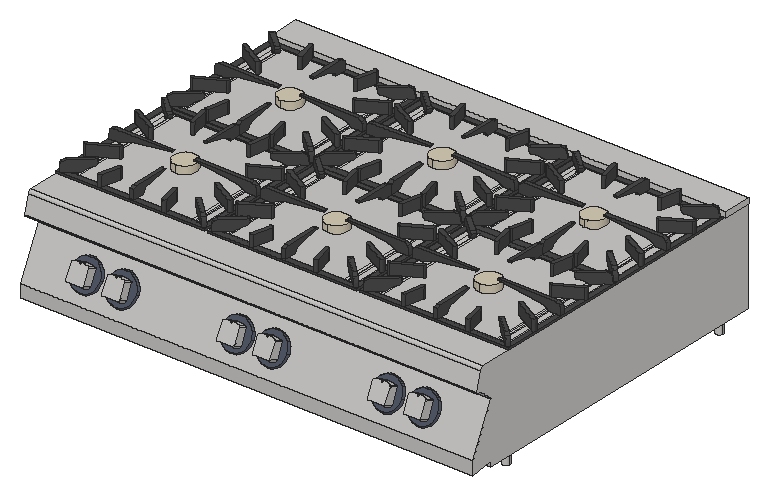
Revit family "QF_ZANUSSI_392011_Z9GCGL6S00", category Specialty Equipment, Revit 2018 (continued)
Nested families
  nested 5: "QF_392011_BURNER" at (403.15, -440.487, -576.213), type "QF_392011_BURNER"
    with Type Mark "", Status "", Specification by User "", Revision Code "", Item Number "", Installed By "", Identify Quantity as Lot yes, Furnished By "", Foodservice Equipment Identifier yes
  nested 6: "QF_392011_BURNER" at (403.15, -440.487, -576.213), type "QF_392011_BURNER"
    with Type Mark "", Status "", Specification by User "", Revision Code "", Item Number "", Installed By "", Identify Quantity as Lot yes, Furnished By "", Foodservice Equipment Identifier yes
Connectors
  piping at (1147.613, -666, 3.812), diameter 12.8
    settings: on Extrusion 3, index 1, connector inside diameter 0.50394", connector length 0 mm, flow factor 0, pipe flow 0 GPM, pressure drop 0.00 psi, fitting loss kfactor 0, connector angle 0.00°, fixture units 0, engagement length 0 mm, angle of deflection 0.00°, flow configuration 1, flow direction 1, fitting loss method 0, system type 7, joint type 0, gender type 0, connector reference index -1, connector utility 0, adjustable connector no, is connector primary yes, connector description "GAS CONNECTION"
Definition of nested family "QF_392011_BURNER"
  Parameters
    Weight in Pounds = 0
    URL Cutsheet = ""
    URL = "www.electrolux.com"
    Type Mark [instance] = ""
    Status [instance] = ""
    Specification by User [instance] = ""
    Specification by Manufacturer = ""
    Show Clearance [instance] = yes
    Serial Number = ""
    Seismic Rating = ""
    SMACNA No = ""
    Revision Code [instance] = ""
    Omniclass Number and Title = ""
    NAFEM Spec ID Number = ""
    Model = "371009"
    Masterspec = ""
    Manufacturer = "ELECTROLUX"
    Item Number [instance] = ""
    Installed By [instance] = ""
    Identify Quantity as Lot [instance] = yes
    Furnished By [instance] = ""
    Foodservice Equipment Identifier [instance] = yes
    Description = ""
    CSI MasterFormat = ""
    CSI Master Format = ""
  Reference planes
    plane 1 "BACK": y = 0
    plane 2: z = 0
    plane 3 "LEFT": x = 0
    plane 4 "RIGHT": x = 393.7
    plane 5 "FRONT": y = -355.6
    plane 6 "TOP": z = 908.85
    plane 7 "Center Y": x = 196.85
    plane 8 "Center X": y = -177.8
    plane 9 "Base": z = 150
    plane 10: z = 850.85
  Forms (mm)
    Extrusion 1, solid
      sketch origin (-6.433, -404.961, 5) x (1, 0, 0) y (0, 0, -1)
        loop
          arc (7.142, -850.85) -> (6.739, -862.989) -> (9.761, -874.752) r 42.809
          line (9.761, -874.752) -> (19.961, -879.425) -> (173.122, -879.425)
          arc (173.122, -879.425) -> (174.316, -878.312) -> (173.289, -877.043) r 1.197
          line (173.289, -877.043) -> (64.848, -864.021)
          arc (64.848, -864.021) -> (50.111, -858.738) -> (36.589, -850.85) r 85.245
          line (36.589, -850.85) -> (7.142, -850.85)
        loop
          line (399.424, -850.85) -> (369.977, -850.85)
          arc (369.977, -850.85) -> (356.455, -858.738) -> (341.718, -864.021) r 85.245
          line (341.718, -864.021) -> (233.277, -877.043)
          arc (233.277, -877.043) -> (232.25, -878.312) -> (233.444, -879.425) r 1.197
          line (233.444, -879.425) -> (386.605, -879.425) -> (396.806, -874.752)
          arc (396.806, -874.752) -> (399.827, -862.989) -> (399.424, -850.85) r 42.809
      from 224.564 to 234.564
    Extrusion 2, solid
      sketch origin (196.85, 175.397, 1219.2) x (0, 1, 0) y (0, 0, 1)
        loop
          line (-204.463, -363.35) -> (-175.397, -363.35) -> (-175.397, -339.506)
          arc (-175.397, -339.506) -> (-181.025, -338.266) -> (-185.611, -334.775) r 13.39
          line (-185.611, -334.775) -> (-278.903, -334.775)
          arc (-278.903, -334.775) -> (-280.097, -335.888) -> (-279.07, -337.157) r 1.197
          line (-279.07, -337.157) -> (-227.151, -347.464)
          arc (-227.151, -347.464) -> (-213.741, -352.457) -> (-204.463, -363.35) r 28.426
        loop
          arc (-496.332, -363.35) -> (-487.053, -352.457) -> (-473.644, -347.464) r 28.426
          line (-473.644, -347.464) -> (-421.725, -337.157)
          arc (-421.725, -337.157) -> (-420.697, -335.888) -> (-421.891, -334.775) r 1.197
          line (-421.891, -334.775) -> (-515.184, -334.775)
          arc (-515.184, -334.775) -> (-519.769, -338.266) -> (-525.397, -339.506) r 13.39
          line (-525.397, -339.506) -> (-525.397, -363.35) -> (-496.332, -363.35)
      from -5 to 5
    Extrusion 3, solid
      sketch origin (-6.433, 367.064, 850.85) x (0, -1, 0) y (1, 0, 0)
        loop
          line (722.664, 6.433) -> (722.664, 400.133) -> (367.064, 400.133) -> (367.064, 6.433) -> (722.664, 6.433)
        loop
          line (382.064, 21.433) -> (707.664, 21.433) -> (707.664, 385.133) -> (382.064, 385.133) -> (382.064, 21.433)
      from 0 to 5
    Extrusion 4, solid
      sketch origin (-18.933, 367.064, 855.85) x (0, -1, 0) y (1, 0, 0)
        loop
          circle (541.667, 215.783) r 30
      from -1.321 to 17.134
    Extrusion 5, solid
      sketch origin (-6.433, -367.064, 0) x (1, 0, 0) y (0, 0, -1)
        loop
          line (21.433, -855.85) -> (36.589, -855.85)
          arc (36.589, -855.85) -> (40.561, -855.243) -> (44.305, -853.783) r 18.259
          arc (44.305, -853.783) -> (45.997, -853.366) -> (47.69, -853.783) r 3.649
          arc (47.69, -853.783) -> (49.901, -854.522) -> (52.232, -854.529) r 7.328
          line (52.232, -854.529) -> (354.334, -854.529)
          arc (354.334, -854.529) -> (356.666, -854.522) -> (358.877, -853.783) r 7.328
          arc (358.877, -853.783) -> (360.569, -853.366) -> (362.261, -853.783) r 3.649
          arc (362.261, -853.783) -> (366.005, -855.243) -> (369.977, -855.85) r 18.259
          line (369.977, -855.85) -> (385.133, -855.85) -> (385.133, -850.85) -> (21.433, -850.85) -> (21.433, -855.85)
      from 26.464 to 352.064
    Extrusion 6, solid
      sketch origin (83.284, -458.334, 5) x (0.742103, 0.670286, 0) y (0, 0, -1)
        loop
          arc (88.629, -864.012) -> (73.909, -858.731) -> (60.402, -850.85) r 85.245
          line (60.402, -850.85) -> (14.993, -850.85)
          arc (14.993, -850.85) -> (14.642, -862.948) -> (17.686, -874.663) r 42.876
          line (17.686, -874.663) -> (27.899, -879.425) -> (89.664, -879.425)
          arc (89.664, -879.425) -> (92.39, -878.352) -> (93.654, -875.709) r 4
          arc (93.654, -875.709) -> (92.562, -869.25) -> (88.629, -864.012) r 13.87
        loop
          arc (457.638, -864.012) -> (453.704, -869.25) -> (452.613, -875.709) r 13.87
          arc (452.613, -875.709) -> (453.876, -878.352) -> (456.603, -879.425) r 4
          line (456.603, -879.425) -> (518.367, -879.425) -> (528.581, -874.663)
          arc (528.581, -874.663) -> (531.624, -862.948) -> (531.273, -850.85) r 42.876
          line (531.273, -850.85) -> (485.865, -850.85)
          arc (485.865, -850.85) -> (472.357, -858.731) -> (457.638, -864.012) r 85.245
      from 127.064 to 137.064
    Extrusion 7, solid
      sketch origin (310.416, -458.334, 5) x (-0.742103, 0.670286, 0) y (0, 0, 1)
        loop
          arc (88.629, 864.012) -> (92.562, 869.25) -> (93.654, 875.709) r 13.87
          arc (93.654, 875.709) -> (92.39, 878.352) -> (89.664, 879.425) r 4
          line (89.664, 879.425) -> (27.899, 879.425) -> (17.686, 874.663)
          arc (17.686, 874.663) -> (14.642, 862.948) -> (14.993, 850.85) r 42.876
          line (14.993, 850.85) -> (60.402, 850.85)
          arc (60.402, 850.85) -> (73.909, 858.731) -> (88.629, 864.012) r 85.245
        loop
          arc (457.638, 864.012) -> (472.357, 858.731) -> (485.865, 850.85) r 85.245
          line (485.865, 850.85) -> (531.273, 850.85)
          arc (531.273, 850.85) -> (531.624, 862.948) -> (528.581, 874.663) r 42.876
          line (528.581, 874.663) -> (518.367, 879.425) -> (456.603, 879.425)
          arc (456.603, 879.425) -> (453.876, 878.352) -> (452.613, 875.709) r 4
          arc (452.613, 875.709) -> (453.704, 869.25) -> (457.638, 864.012) r 13.87
      from 127.064 to 137.064
    Extrusion 8, solid
      sketch origin (-6.433, 367.064, 855.85) x (0, -1, 0) y (1, 0, 0)
        loop
          arc (626.166, 9.428) -> (632.956, 7.454) -> (634.93, 14.244) r 5
          line (634.93, 14.244) -> (600.514, 76.878)
          arc (600.514, 76.878) -> (593.724, 78.852) -> (591.75, 72.062) r 5
          line (591.75, 72.062) -> (626.166, 9.428)
        loop
          line (463.562, 9.428) -> (497.977, 72.062)
          arc (497.977, 72.062) -> (496.003, 78.852) -> (489.213, 76.878) r 5
          line (489.213, 76.878) -> (454.798, 14.244)
          arc (454.798, 14.244) -> (456.772, 7.454) -> (463.562, 9.428) r 5
        loop
          line (626.166, 397.138) -> (591.75, 334.504)
          arc (591.75, 334.504) -> (593.724, 327.714) -> (600.514, 329.689) r 5
          line (600.514, 329.689) -> (634.93, 392.323)
          arc (634.93, 392.323) -> (632.956, 399.113) -> (626.166, 397.138) r 5
        loop
          arc (463.562, 397.138) -> (456.772, 399.113) -> (454.798, 392.323) r 5
          line (454.798, 392.323) -> (489.213, 329.689)
          arc (489.213, 329.689) -> (496.003, 327.714) -> (497.977, 334.504) r 5
          line (497.977, 334.504) -> (463.562, 397.138)
        loop
          line (715.14, 293.499) -> (666.703, 282.317)
          arc (666.703, 282.317) -> (662.956, 276.32) -> (668.953, 272.573) r 5
          line (668.953, 272.573) -> (717.389, 283.756)
          arc (717.389, 283.756) -> (721.136, 289.752) -> (715.14, 293.499) r 5
        loop
          arc (715.14, 113.067) -> (721.136, 116.814) -> (717.389, 122.811) r 5
          line (717.389, 122.811) -> (668.953, 133.993)
          arc (668.953, 133.993) -> (662.956, 130.246) -> (666.703, 124.249) r 5
          line (666.703, 124.249) -> (715.14, 113.067)
        loop
          arc (374.588, 293.499) -> (368.591, 289.752) -> (372.338, 283.756) r 5
          line (372.338, 283.756) -> (420.775, 272.573)
          arc (420.775, 272.573) -> (426.771, 276.32) -> (423.024, 282.317) r 5
          line (423.024, 282.317) -> (374.588, 293.499)
        loop
          line (374.588, 113.067) -> (423.024, 124.249)
          arc (423.024, 124.249) -> (426.771, 130.246) -> (420.775, 133.993) r 5
          line (420.775, 133.993) -> (372.338, 122.811)
          arc (372.338, 122.811) -> (368.591, 116.814) -> (374.588, 113.067) r 5
      from 0 to 28.575
  Lines and regions (mm)
    symbolic lines
      curve 1: line (0, -355.6, 150) -> (393.7, -355.6, 150)
      curve 2: line (0, 0, 150) -> (0, -355.6, 150)
      curve 3: line (393.7, -355.6, 150) -> (393.7, 0, 150)
      curve 4: line (369.633, -15, 150) -> (285.34, -15, 150)
      curve 5: line (24.067, -340.6, 150) -> (108.36, -340.6, 150)
      curve 6: line (157.475, -170.397, 150) -> (157.475, -15, 150)
      curve 7: line (236.225, -170.397, 150) -> (236.225, -15, 150)
      curve 8: line (201.85, -350, 150) -> (201.85, -176.674, 150)
      curve 9: line (0, -180.397, 150) -> (167.224, -180.397, 150)
      curve 10: line (393.7, -170.397, 150) -> (228.275, -170.397, 150)
      curve 11: line (15, -180.397, 150) -> (15, -252.506, 150)
      curve 12: line (45.799, -340.6, 150) -> (45.799, -320.971, 150)
      curve 13: line (167.224, -170.397, 150) -> (0, -170.397, 150)
      curve 14: line (228.275, -180.504, 150) -> (393.7, -180.504, 150)
      curve 15: arc (228.275, -170.397, 150) -> (223.221, -175.45, 150) -> (228.275, -180.504, 150) r 5.054
      curve 16: arc (167.224, -170.397, 150) -> (172.224, -175.397, 150) -> (167.224, -180.397, 150) r 5
      curve 17: line (191.85, -176.674, 150) -> (191.85, -350, 150)
      curve 18: line (201.85, -134.556, 150) -> (201.85, -0.794, 150)
      curve 19: arc (201.85, -176.674, 150) -> (196.85, -171.674, 150) -> (191.85, -176.674, 150) r 5
      curve 20: arc (201.85, -134.556, 150) -> (196.85, -139.556, 150) -> (191.85, -134.556, 150) r 5
      curve 21: line (191.85, -15, 150) -> (118.623, -15, 150)
      curve 22: arc (201.85, -29.042, 150) -> (213.272, -50.008, 150) -> (201.85, -70.973, 150) r 24.953
      curve 23: arc (213.086, -53.048, 150) -> (214.5, -50.008, 150) -> (213.086, -46.967, 150) r 3.975
      curve 24: arc (191.85, -29.852, 150) -> (181.339, -50.008, 150) -> (191.85, -70.163, 150) r 24.58
      curve 25: arc (181.527, -53.042, 150) -> (179.976, -50.008, 150) -> (181.527, -46.973, 150) r 3.745
      curve 26: line (191.85, -0.794, 150) -> (191.85, -134.556, 150)
      curve 27: line (191.85, -350, 150) -> (201.85, -350, 150)
      curve 28: line (191.85, -11.007, 150) -> (201.85, -11.007, 150)
      curve 29: line (191.85, -0.794, 150) -> (201.85, -0.794, 150)
      curve 30: line (201.85, -340.6, 150) -> (275.077, -340.6, 150)
      curve 31: arc (196.85, -145.397, 0) -> (166.955, -172.888, 0) -> (191.85, -204.977, 0) r 30
      curve 32: arc (201.85, -204.977, 0) -> (226.745, -172.888, 0) -> (196.85, -145.397, 0) r 30
      curve 33: arc (158.678, -180.397, 0) -> (170.734, -200.207, 0) -> (191.85, -209.795, 0) r 39.375
      curve 34: line (163.825, -170.397, 150) -> (163.825, -15, 150)
      curve 35: line (229.875, -170.397, 150) -> (229.875, -15, 150)
      curve 36: line (144.775, -170.397, 150) -> (144.775, -15, 150)
      curve 37: line (248.925, -170.397, 150) -> (248.925, -15, 150)
      curve 38: arc (145.678, -180.397, 0) -> (161.728, -209.187, 0) -> (191.85, -222.573, 0) r 52.075
      curve 39: arc (201.85, -209.795, 0) -> (222.966, -200.207, 0) -> (235.022, -180.397, 0) r 39.375
      curve 40: arc (201.85, -222.573, 0) -> (231.931, -209.224, 0) -> (248.001, -180.504, 0) r 52.075
      curve 41: line (393.7, 0, 0) -> (0, 0, 0)
      curve 42: line (70.445, -122.149, 0) -> (7.81, -87.734, 0)
      curve 43: arc (7.81, -87.734, 0) -> (1.021, -89.708, 0) -> (2.995, -96.498, 0) r 5
      curve 44: line (2.995, -96.498, 0) -> (65.629, -130.914, 0)
      curve 45: arc (65.629, -130.914, 0) -> (72.419, -128.939, 0) -> (70.445, -122.149, 0) r 5
      curve 46: line (65.629, -224.686, 0) -> (2.995, -259.102, 0)
      curve 47: arc (2.995, -259.102, 0) -> (1.021, -265.892, 0) -> (7.81, -267.866, 0) r 5
      curve 48: line (7.81, -267.866, 0) -> (70.445, -233.451, 0)
      curve 49: arc (70.445, -233.451, 0) -> (72.419, -226.661, 0) -> (65.629, -224.686, 0) r 5
      curve 50: line (323.255, -122.149, 0) -> (385.89, -87.734, 0)
      curve 51: arc (385.89, -87.734, 0) -> (392.679, -89.708, 0) -> (390.705, -96.498, 0) r 5
      curve 52: line (390.705, -96.498, 0) -> (328.071, -130.914, 0)
      curve 53: arc (328.071, -130.914, 0) -> (321.281, -128.939, 0) -> (323.255, -122.149, 0) r 5
      curve 54: line (328.071, -224.686, 0) -> (390.705, -259.102, 0)
      curve 55: arc (390.705, -259.102, 0) -> (392.679, -265.892, 0) -> (385.89, -267.866, 0) r 5
      curve 56: line (385.89, -267.866, 0) -> (323.255, -233.451, 0)
      curve 57: arc (323.255, -233.451, 0) -> (321.281, -226.661, 0) -> (328.071, -224.686, 0) r 5
      curve 58: line (118.623, -340.6, 150) -> (191.85, -340.6, 150)
      curve 59: line (285.34, -340.6, 150) -> (369.633, -340.6, 150)
      curve 60: line (378.7, -335.314, 0) -> (378.7, -263.916, 0)
      curve 61: line (1.326, -7.935, 0) -> (58.752, -59.804, 0)
      curve 62: line (65.455, -52.383, 0) -> (8.029, -0.514, 0)
      curve 63: arc (58.752, -59.804, 0) -> (65.814, -59.445, 0) -> (65.455, -52.383, 0) r 5
      curve 64: line (1.326, -7.935, 0) -> (8.029, -0.514, 0)
      curve 65: line (392.374, -7.935, 0) -> (334.948, -59.804, 0)
      curve 66: line (328.245, -52.383, 0) -> (385.671, -0.514, 0)
      curve 67: arc (334.948, -59.804, 0) -> (327.886, -59.445, 0) -> (328.245, -52.383, 0) r 5
      curve 68: line (392.374, -7.935, 0) -> (385.671, -0.514, 0)
      curve 69: line (392.374, -347.665, 0) -> (334.948, -295.796, 0)
      curve 70: line (328.245, -303.217, 0) -> (385.671, -355.086, 0)
      curve 71: arc (334.948, -295.796, 0) -> (327.886, -296.155, 0) -> (328.245, -303.217, 0) r 5
      curve 72: line (392.374, -347.665, 0) -> (385.671, -355.086, 0)
      curve 73: line (1.326, -347.665, 0) -> (58.752, -295.796, 0)
      curve 74: line (65.455, -303.217, 0) -> (8.029, -355.086, 0)
      curve 75: arc (58.752, -295.796, 0) -> (65.814, -296.155, 0) -> (65.455, -303.217, 0) r 5
      curve 76: line (1.326, -347.665, 0) -> (8.029, -355.086, 0)
      curve 77: line (347.901, -15, 0) -> (347.901, -34.629, 0)
      curve 78: line (347.901, -320.971, 0) -> (347.901, -340.6, 0)
      curve 79: line (378.7, -252.506, 0) -> (378.7, -180.397, 0)
      curve 80: line (347.901, -246.993, 0) -> (347.901, -307.496, 0)
      curve 81: line (378.7, -170.397, 0) -> (378.7, -103.094, 0)
      curve 82: line (347.901, -180.397, 0) -> (347.901, -235.582, 0)
      curve 83: line (378.7, -91.684, 0) -> (378.7, -20.286, 0)
      curve 84: line (347.901, -120.018, 0) -> (347.901, -170.397, 0)
      curve 85: line (347.901, -48.104, 0) -> (347.901, -108.607, 0)
      curve 86: line (275.077, -15, 150) -> (201.85, -15, 150)
      curve 87: line (108.36, -15, 150) -> (24.067, -15, 150)
      curve 88: line (45.799, -40, 150) -> (45.799, -15, 150)
      curve 89: line (45.799, -108.607, 150) -> (45.799, -40, 150)
      curve 90: line (15, -20.286, 0) -> (15, -91.684, 0)
      curve 91: line (15, -103.094, 0) -> (15, -170.397, 0)
      curve 92: line (45.799, -170.397, 150) -> (45.799, -120.018, 150)
      curve 93: line (45.799, -235.582, 150) -> (45.799, -180.397, 150)
      curve 94: line (15, -263.916, 150) -> (15, -335.314, 150)
      curve 95: line (45.799, -307.496, 150) -> (45.799, -246.993, 150)
      curve 96: line (116.378, -350.325, 0) -> (127.56, -301.889, 0)
      curve 97: arc (127.56, -301.889, 0) -> (123.813, -295.892, 0) -> (117.816, -299.64, 0) r 5
      curve 98: line (117.816, -299.64, 0) -> (106.634, -348.076, 0)
      curve 99: arc (106.634, -348.076, 0) -> (110.381, -354.072, 0) -> (116.378, -350.325, 0) r 5
      curve 100: line (266.14, -301.889, 0) -> (277.322, -350.325, 0)
      curve 101: arc (277.322, -350.325, 0) -> (283.319, -354.072, 0) -> (287.066, -348.076, 0) r 5
      curve 102: line (287.066, -348.076, 0) -> (275.884, -299.64, 0)
      curve 103: arc (275.884, -299.64, 0) -> (269.887, -295.892, 0) -> (266.14, -301.889, 0) r 5
      curve 104: line (275.884, -55.96, 0) -> (287.066, -7.524, 0)
      curve 105: arc (287.066, -7.524, 0) -> (283.319, -1.528, 0) -> (277.322, -5.275, 0) r 5
      curve 106: line (277.322, -5.275, 0) -> (266.14, -53.711, 0)
      curve 107: arc (266.14, -53.711, 0) -> (269.887, -59.708, 0) -> (275.884, -55.96, 0) r 5
      curve 108: line (127.56, -53.711, 0) -> (116.378, -5.275, 0)
      curve 109: arc (116.378, -5.275, 0) -> (110.381, -1.528, 0) -> (106.634, -7.524, 0) r 5
      curve 110: line (106.634, -7.524, 0) -> (117.816, -55.96, 0)
      curve 111: arc (117.816, -55.96, 0) -> (123.813, -59.708, 0) -> (127.56, -53.711, 0) r 5
  Dimensions and locks
    equal spacing: plane 3 "LEFT", plane 7 "Center Y", plane 4 "RIGHT"
    plane 3 "LEFT" to plane 4 "RIGHT" = 393.7 mm
    equal spacing: plane 5 "FRONT", plane 8 "Center X", plane 1 "BACK"
    plane 5 "FRONT" to plane 1 "BACK" = 355.6 mm
    plane 6 "TOP" to level = 908.85 mm
    plane 9 "Base" to level = 150 mm
    plane 6 "TOP" to plane 10 = 58 mm  (x2)
    locked: Extrusion 4 sketch curve to plane 7 "Center Y" at 0
    aligned and locked: level to plane 2
  Automatic sketch dimensions
    curve 10 to plane 4 "RIGHT" = 0 mm
    curve 20 to plane 7 "Center Y" = 0 mm
    curve 19 to plane 7 "Center Y" = 0 mm
    curve 9 to plane 3 "LEFT" = 0 mm
    plane 1 "BACK" to curve 2 = 0 mm
    plane 1 "BACK" to curve 3 = 0 mm
    plane 5 "FRONT" to curve 2 = 0 mm
    curve 4 to plane 4 "RIGHT" = 24.067 mm
    curve 59 to plane 4 "RIGHT" = 24.067 mm
    plane 1 "BACK" to curve 37 = 15 mm
    plane 7 "Center Y" to curve 37 = 52.075 mm
    curve 37 to curve 7 = 12.7 mm
    curve 7 to curve 35 = 6.35 mm
    plane 8 "Center X" to curve 15 = 2.35 mm
    curve 35 to curve 15 = 1.6 mm
    plane 7 "Center Y" to curve 23 = 16.236 mm
    curve 23 to curve 23 = 0 mm
    curve 23 to curve 23 = 2.56 mm
    curve 23 to curve 24 = 4.607 mm
    plane 7 "Center Y" to curve 86 = 5 mm
    plane 7 "Center Y" to curve 27 = 5 mm
    curve 22 to plane 7 "Center Y" = 8.531 mm
    curve 22 to curve 25 = 4.597 mm
    curve 25 to curve 25 = 2.194 mm  (x2)
    curve 9 to plane 8 "Center X" = 2.597 mm
    curve 17 to curve 9 = 24.626 mm
    curve 21 to curve 34 = 28.025 mm
    curve 34 to curve 6 = 6.35 mm
    plane 8 "Center X" to curve 36 = 7.403 mm
    curve 6 to curve 36 = 12.7 mm
    plane 3 "LEFT" to curve 12 = 45.799 mm
    plane 3 "LEFT" to curve 87 = 24.067 mm
    plane 3 "LEFT" to curve 5 = 24.067 mm
    plane 1 "BACK" to curve 26 = 0.794 mm
    curve 28 to curve 86 = 3.993 mm
    curve 28 to curve 21 = 3.993 mm
    curve 86 to curve 22 = 14.042 mm
    curve 22 to curve 24 = 0.81 mm
    curve 22 to curve 23 = 17.925 mm
    curve 25 to curve 22 = 3.035 mm
    plane 8 "Center X" to curve 26 = 43.244 mm
    curve 15 to curve 15 = 5.054 mm
    plane 8 "Center X" to curve 17 = 1.126 mm
    curve 94 to curve 12 = 5.286 mm
    curve 58 to plane 5 "FRONT" = 15 mm
    curve 59 to plane 5 "FRONT" = 15 mm
    curve 8 to plane 5 "FRONT" = 5.6 mm
    plane 3 "LEFT" to Extrusion 1 sketch curve = 0.709 mm
    plane 3 "LEFT" to Extrusion 1 sketch curve = 3.327 mm
    Extrusion 1 sketch curve to Extrusion 1 sketch curve = 10.201 mm
    plane 10 to Extrusion 1 sketch curve = 5 mm  (x2)
    Extrusion 1 sketch curve to Extrusion 1 sketch curve = 29.447 mm
    Extrusion 1 sketch curve to Extrusion 1 sketch curve = 12.704 mm  (x2)
    Extrusion 1 sketch curve to Extrusion 1 sketch curve = 15.555 mm  (x2)
    plane 3 "LEFT" to Extrusion 1 sketch curve = 79.689 mm
    Extrusion 1 sketch curve to plane 7 "Center Y" = 30.161 mm
    Extrusion 1 sketch curve to Extrusion 1 sketch curve = 0.167 mm  (x2)
    plane 7 "Center Y" to Extrusion 1 sketch curve = 29.994 mm
    Extrusion 1 sketch curve to plane 4 "RIGHT" = 79.689 mm
    plane 10 to Extrusion 1 sketch curve = 18.171 mm
    Extrusion 1 sketch curve to plane 4 "RIGHT" = 58.415 mm
    Extrusion 1 sketch curve to plane 4 "RIGHT" = 13.528 mm
    Extrusion 1 sketch curve to plane 4 "RIGHT" = 3.327 mm
    Extrusion 1 sketch curve to plane 4 "RIGHT" = 0.709 mm
    Extrusion 1 sketch curve to Extrusion 1 sketch curve = 23.902 mm  (x2)
    Extrusion 1 sketch curve to plane 6 "TOP" = 26.807 mm  (x2)
    Extrusion 1 sketch curve to Extrusion 1 sketch curve = 1.185 mm  (x2)
    Extrusion 1 sketch curve to Extrusion 1 sketch curve = 5.694 mm
    Extrusion 2 sketch curve to plane 1 "BACK" = 0 mm
    plane 1 "BACK" to Extrusion 2 sketch curve = 10.213 mm
    plane 10 to Extrusion 2 sketch curve = 5 mm  (x2)
    plane 1 "BACK" to Extrusion 2 sketch curve = 29.066 mm
    plane 10 to Extrusion 2 sketch curve = 20.886 mm
    Extrusion 2 sketch curve to Extrusion 2 sketch curve = 22.688 mm  (x2)
    Extrusion 2 sketch curve to plane 10 = 7.392 mm  (x2)
    Extrusion 2 sketch curve to plane 6 "TOP" = 24.425 mm
    Extrusion 2 sketch curve to Extrusion 2 sketch curve = 51.752 mm
    Extrusion 2 sketch curve to plane 6 "TOP" = 26.807 mm  (x2)
    Extrusion 2 sketch curve to Extrusion 2 sketch curve = 0.167 mm  (x2)
    Extrusion 2 sketch curve to plane 8 "Center X" = 68.528 mm
    Extrusion 2 sketch curve to plane 5 "FRONT" = 60.248 mm
    Extrusion 2 sketch curve to Extrusion 2 sketch curve = 2.895 mm
    Extrusion 2 sketch curve to plane 5 "FRONT" = 15.813 mm
    Extrusion 2 sketch curve to plane 5 "FRONT" = 5.6 mm
    Extrusion 2 sketch curve to Extrusion 2 sketch curve = 4.731 mm
    Extrusion 2 sketch curve to Extrusion 2 sketch curve = 23.844 mm
    Extrusion 2 sketch curve to Extrusion 2 sketch curve = 1.185 mm
    plane 1 "BACK" to Extrusion 3 sketch curve = 0 mm
    Extrusion 3 sketch curve to plane 3 "LEFT" = 0 mm
    plane 5 "FRONT" to Extrusion 3 sketch curve = 0 mm
    Extrusion 3 sketch curve to plane 4 "RIGHT" = 0 mm
    plane 1 "BACK" to Extrusion 3 sketch curve = 15 mm
    Extrusion 3 sketch curve to plane 5 "FRONT" = 15 mm
    plane 3 "LEFT" to Extrusion 3 sketch curve = 15 mm
    Extrusion 3 sketch curve to plane 4 "RIGHT" = 15 mm
    Extrusion 3 to Extrusion 4 sketch curve = 159.603 mm
    Extrusion 5 sketch curve to plane 10 = 0 mm
    plane 3 "LEFT" to Extrusion 5 sketch curve = 15 mm
    Extrusion 5 sketch curve to Extrusion 5 sketch curve = 14.402 mm
    plane 10 to Extrusion 5 sketch curve = 5 mm
    Extrusion 5 sketch curve to Extrusion 5 sketch curve = 15.156 mm
    plane 10 to Extrusion 5 sketch curve = 2.933 mm  (x3)
    Extrusion 5 sketch curve to Extrusion 5 sketch curve = 7.716 mm  (x2)
    Extrusion 5 sketch curve to Extrusion 5 sketch curve = 0 mm  (x3)
    Extrusion 5 sketch curve to Extrusion 5 sketch curve = 1.692 mm  (x2)
    Extrusion 5 sketch curve to Extrusion 5 sketch curve = 3.385 mm  (x2)
    Extrusion 5 sketch curve to plane 10 = 3.559 mm  (x2)
    plane 10 to Extrusion 5 sketch curve = 3.679 mm
    Extrusion 5 sketch curve to plane 4 "RIGHT" = 45.799 mm
    Extrusion 5 sketch curve to Extrusion 5 sketch curve = 1.143 mm
    Extrusion 5 sketch curve to plane 10 = 13.244 mm
    Extrusion 5 sketch curve to plane 4 "RIGHT" = 15 mm
    plane 10 to Extrusion 6 sketch curve = 5 mm  (x2)
    Extrusion 6 sketch curve to Extrusion 6 sketch curve = 2.692 mm  (x2)
    Extrusion 6 sketch curve to Extrusion 6 sketch curve = 10.213 mm  (x2)
    plane 10 to Extrusion 6 sketch curve = 12.281 mm
    Extrusion 6 sketch curve to Extrusion 6 sketch curve = 29.348 mm  (x2)
    Extrusion 6 sketch curve to Extrusion 6 sketch curve = 3.155 mm  (x2)
    Extrusion 6 sketch curve to Extrusion 6 sketch curve = 22.572 mm
    Extrusion 6 sketch curve to Extrusion 6 sketch curve = 8.81 mm
    Extrusion 6 sketch curve to Extrusion 6 sketch curve = 9.845 mm  (x2)
    Extrusion 6 sketch curve to Extrusion 6 sketch curve = 3.99 mm  (x2)
    Extrusion 6 sketch curve to Extrusion 6 sketch curve = 0 mm  (x2)
    Extrusion 6 sketch curve to Extrusion 6 sketch curve = 49.533 mm
    Extrusion 6 sketch curve to plane 10 = 64.377 mm
    Extrusion 6 sketch curve to Extrusion 6 sketch curve = 326.397 mm
    Extrusion 6 sketch curve to plane 6 "TOP" = 28.141 mm
    Extrusion 6 sketch curve to Extrusion 6 sketch curve = 16.281 mm
    Extrusion 6 sketch curve to Extrusion 6 sketch curve = 1.035 mm
    Extrusion 6 sketch curve to Extrusion 6 sketch curve = 19.417 mm
    Extrusion 6 sketch curve to Extrusion 6 sketch curve = 4.763 mm  (x2)
    Extrusion 6 sketch curve to Extrusion 6 sketch curve = 3.716 mm
    plane 10 to Extrusion 7 sketch curve = 5 mm  (x2)
    Extrusion 7 sketch curve to Extrusion 7 sketch curve = 2.692 mm  (x2)
    Extrusion 7 sketch curve to Extrusion 7 sketch curve = 10.213 mm  (x2)
    plane 10 to Extrusion 7 sketch curve = 12.281 mm
    Extrusion 7 sketch curve to Extrusion 7 sketch curve = 29.348 mm  (x2)
    Extrusion 7 sketch curve to Extrusion 7 sketch curve = 3.155 mm  (x2)
    Extrusion 7 sketch curve to Extrusion 7 sketch curve = 22.572 mm
    Extrusion 7 sketch curve to Extrusion 7 sketch curve = 8.81 mm
    Extrusion 7 sketch curve to Extrusion 7 sketch curve = 9.845 mm  (x2)
    Extrusion 7 sketch curve to Extrusion 7 sketch curve = 3.99 mm  (x2)
    Extrusion 7 sketch curve to Extrusion 7 sketch curve = 0 mm  (x2)
    Extrusion 7 sketch curve to Extrusion 7 sketch curve = 21.306 mm
    Extrusion 7 sketch curve to plane 10 = 64.377 mm  (x2)
    Extrusion 7 sketch curve to Extrusion 7 sketch curve = 326.397 mm
    Extrusion 7 sketch curve to plane 6 "TOP" = 28.141 mm
    Extrusion 7 sketch curve to Extrusion 7 sketch curve = 16.281 mm
    Extrusion 7 sketch curve to Extrusion 7 sketch curve = 1.035 mm
    Extrusion 7 sketch curve to Extrusion 7 sketch curve = 19.417 mm
    Extrusion 7 sketch curve to Extrusion 7 sketch curve = 7.281 mm
    Extrusion 7 sketch curve to Extrusion 7 sketch curve = 10.713 mm
    curve 58 to curve 12 = 72.824 mm
    curve 30 to curve 30 = 73.227 mm
    curve 58 to curve 5 = 10.263 mm
    curve 5 to curve 58 = 0 mm
    curve 59 to curve 30 = 10.263 mm
    curve 30 to curve 8 = 9.4 mm
    curve 31 to curve 32 = 0 mm
    curve 33 to curve 38 = 0 mm  (x2)
    curve 33 to curve 39 = 0 mm  (x2)
    curve 33 to curve 40 = 0 mm  (x2)
    plane 1 "BACK" to curve 41 = 0 mm
    curve 41 to plane 3 "LEFT" = 0 mm
    curve 31 to plane 7 "Center Y" = 0 mm
    curve 33 to plane 7 "Center Y" = 0 mm
    curve 41 to plane 4 "RIGHT" = 0 mm
    plane 3 "LEFT" to curve 76 = 1.326 mm
    plane 3 "LEFT" to curve 64 = 1.326 mm
    plane 3 "LEFT" to curve 44 = 2.995 mm
    plane 3 "LEFT" to curve 46 = 2.995 mm
    curve 43 to curve 43 = 2.408 mm
    curve 46 to curve 47 = 2.408 mm
    curve 47 to curve 47 = 2.408 mm
    curve 43 to curve 42 = 2.408 mm
    curve 76 to plane 5 "FRONT" = 0.514 mm
    plane 3 "LEFT" to curve 76 = 8.029 mm
    plane 1 "BACK" to curve 62 = 0.514 mm
    plane 3 "LEFT" to curve 62 = 8.029 mm
    curve 48 to curve 75 = 50.941 mm
    curve 43 to curve 63 = 50.941 mm
    curve 75 to curve 75 = 3.351 mm
    curve 63 to curve 63 = 3.351 mm
    plane 1 "BACK" to curve 62 = 52.383 mm
    curve 63 to curve 62 = 3.351 mm
    curve 74 to plane 5 "FRONT" = 52.383 mm
    curve 75 to curve 74 = 3.351 mm
    plane 3 "LEFT" to curve 46 = 65.629 mm
    plane 3 "LEFT" to curve 44 = 65.629 mm
    curve 45 to curve 45 = 2.408 mm
    curve 46 to curve 49 = 2.408 mm
    curve 49 to curve 48 = 2.408 mm
    curve 45 to curve 42 = 2.408 mm
    curve 38 to plane 8 "Center X" = 2.597 mm
    curve 38 to plane 7 "Center Y" = 51.172 mm
    curve 33 to plane 8 "Center X" = 2.597 mm
    curve 38 to curve 33 = 12.999 mm
    curve 33 to plane 7 "Center Y" = 5 mm
    curve 38 to plane 7 "Center Y" = 5 mm
    curve 31 to curve 33 = 0 mm
    plane 7 "Center Y" to curve 32 = 5 mm
    plane 7 "Center Y" to curve 40 = 5 mm
    curve 39 to curve 32 = 0 mm
    curve 39 to plane 8 "Center X" = 2.597 mm
    plane 7 "Center Y" to curve 39 = 38.172 mm
    curve 40 to plane 8 "Center X" = 2.704 mm
    curve 39 to curve 40 = 12.979 mm
    curve 50 to plane 4 "RIGHT" = 70.445 mm
    curve 57 to plane 4 "RIGHT" = 70.445 mm
    curve 50 to curve 53 = 2.408 mm
    curve 57 to curve 57 = 2.408 mm  (x2)
    curve 53 to curve 53 = 2.408 mm
    curve 71 to curve 71 = 3.351 mm
    curve 67 to curve 67 = 3.351 mm
    curve 71 to curve 69 = 3.351 mm
    curve 67 to curve 65 = 3.351 mm
    curve 60 to plane 4 "RIGHT" = 15 mm
    curve 72 to plane 5 "FRONT" = 0.514 mm
    curve 72 to plane 4 "RIGHT" = 8.029 mm
    plane 1 "BACK" to curve 68 = 0.514 mm
    curve 68 to plane 4 "RIGHT" = 8.029 mm
    curve 50 to plane 4 "RIGHT" = 7.81 mm
    curve 55 to plane 4 "RIGHT" = 7.81 mm
    curve 55 to curve 55 = 2.408 mm
    curve 50 to curve 51 = 2.408 mm
    curve 55 to plane 4 "RIGHT" = 2.995 mm
    curve 51 to plane 4 "RIGHT" = 2.995 mm
    curve 69 to plane 4 "RIGHT" = 1.326 mm
    curve 65 to plane 4 "RIGHT" = 1.326 mm
    curve 72 to plane 5 "FRONT" = 7.935 mm
    curve 60 to plane 5 "FRONT" = 20.286 mm
    curve 71 to curve 56 = 27.93 mm
    curve 73 to curve 48 = 27.93 mm
    curve 47 to curve 47 = 4.382 mm
    curve 55 to curve 55 = 4.382 mm
    curve 56 to plane 8 "Center X" = 55.651 mm
    curve 48 to plane 8 "Center X" = 55.651 mm
    curve 57 to curve 57 = 4.382 mm
    curve 49 to curve 49 = 4.382 mm
    curve 40 to plane 8 "Center X" = 44.773 mm
    curve 39 to curve 32 = 4.818 mm
    plane 8 "Center X" to curve 31 = 2.403 mm
    plane 8 "Center X" to curve 45 = 46.886 mm
    plane 8 "Center X" to curve 52 = 46.886 mm
    curve 53 to curve 53 = 4.382 mm
    curve 45 to curve 45 = 4.382 mm
    curve 53 to curve 52 = 34.416 mm
    curve 44 to curve 61 = 36.694 mm
    curve 43 to curve 43 = 4.382 mm
    curve 51 to curve 51 = 4.382 mm
    curve 51 to curve 65 = 27.93 mm
    plane 1 "BACK" to curve 83 = 20.286 mm
    plane 1 "BACK" to curve 88 = 15 mm
    plane 1 "BACK" to curve 77 = 15 mm
    curve 77 to curve 83 = 30.799 mm
    curve 78 to plane 5 "FRONT" = 15 mm
    curve 80 to curve 71 = 7.989 mm
    curve 78 to curve 60 = 30.799 mm
    curve 78 to curve 80 = 13.475 mm
    curve 55 to curve 79 = 10.979 mm
    curve 82 to curve 57 = 6.514 mm
    curve 80 to curve 78 = 0 mm
    curve 80 to curve 82 = 11.41 mm
    curve 77 to curve 66 = 37.77 mm
    curve 60 to curve 79 = 11.41 mm
    plane 8 "Center X" to curve 81 = 7.403 mm
    plane 8 "Center X" to curve 84 = 7.403 mm
    curve 82 to plane 8 "Center X" = 2.597 mm
    curve 82 to curve 84 = 0 mm
    curve 79 to plane 8 "Center X" = 2.597 mm
    curve 79 to curve 81 = 0 mm
    curve 81 to curve 51 = 10.979 mm
    curve 53 to curve 85 = 17.924 mm
    curve 84 to curve 81 = 30.799 mm
    curve 84 to curve 85 = 11.41 mm
    curve 52 to curve 84 = 19.83 mm
    curve 81 to curve 83 = 11.41 mm
    curve 67 to curve 85 = 7.989 mm
    curve 85 to curve 77 = 0 mm
    curve 85 to curve 77 = 13.475 mm
    curve 86 to curve 37 = 26.152 mm
    curve 4 to curve 86 = 10.263 mm
    curve 86 to curve 4 = 0 mm
    curve 36 to curve 21 = 26.152 mm
    curve 88 to curve 88 = 25 mm
    plane 8 "Center X" to curve 89 = 69.193 mm
    curve 43 to curve 90 = 9.597 mm
    curve 43 to curve 90 = 0.432 mm
    plane 1 "BACK" to curve 90 = 20.286 mm
    curve 93 to plane 8 "Center X" = 2.597 mm
    plane 8 "Center X" to curve 91 = 7.403 mm
    curve 95 to plane 8 "Center X" = 69.193 mm
    curve 93 to curve 94 = 28.333 mm
    curve 95 to curve 12 = 33.104 mm
    curve 21 to curve 87 = 10.263 mm
    curve 87 to curve 21 = 0 mm
    curve 91 to curve 90 = 11.41 mm
    curve 89 to curve 87 = 21.732 mm
    curve 89 to curve 92 = 11.41 mm
    curve 92 to curve 89 = 0 mm
    plane 8 "Center X" to curve 92 = 7.403 mm
    curve 91 to curve 90 = 0 mm
    curve 93 to curve 95 = 0 mm
    curve 93 to curve 95 = 11.41 mm
    curve 11 to curve 94 = 0 mm
    curve 11 to curve 94 = 11.41 mm
    curve 95 to curve 11 = 30.799 mm
    curve 95 to curve 12 = 13.475 mm
    plane 3 "LEFT" to curve 95 = 45.799 mm
    curve 95 to curve 5 = 33.104 mm
    Extrusion 8 sketch curve to Extrusion 3 = 5.275 mm  (x2)
    Extrusion 8 sketch curve to Extrusion 8 sketch curve = 1.125 mm  (x16)
    Extrusion 3 to Extrusion 8 sketch curve = 38.711 mm  (x2)
    Extrusion 8 sketch curve to Extrusion 3 = 7.19 mm  (x3)
    Extrusion 3 to Extrusion 8 sketch curve = 72.734 mm  (x2)
    Extrusion 8 sketch curve to Extrusion 8 sketch curve = 4.382 mm  (x16)
    Extrusion 8 sketch curve to Extrusion 3 = 2.995 mm  (x4)
    Extrusion 8 sketch curve to Extrusion 8 sketch curve = 34.416 mm  (x4)
    Extrusion 3 to Extrusion 8 sketch curve = 50.629 mm  (x3)
    Extrusion 8 sketch curve to Extrusion 8 sketch curve = 93.773 mm  (x2)
    Extrusion 3 to Extrusion 8 sketch curve = 40.96 mm  (x2)
    Extrusion 8 sketch curve to Extrusion 3 = 7.476 mm  (x2)
    Extrusion 8 sketch curve to Extrusion 8 sketch curve = 2.408 mm  (x4)
    Extrusion 3 to Extrusion 8 sketch curve = 91.634 mm  (x2)
    Extrusion 8 sketch curve to Extrusion 8 sketch curve = 4.872 mm  (x8)
    Extrusion 8 sketch curve to Extrusion 8 sketch curve = 11.182 mm  (x4)
    Extrusion 3 to Extrusion 8 sketch curve = 112.56 mm
    Extrusion 8 sketch curve to Extrusion 8 sketch curve = 61.931 mm
    Extrusion 3 to Extrusion 8 sketch curve = 55.445 mm
    Extrusion 8 sketch curve to Extrusion 8 sketch curve = 4.816 mm
    curve 67 to curve 85 = 19.656 mm
    curve 71 to curve 80 = 19.656 mm
    curve 99 to plane 5 "FRONT" = 7.524 mm
    curve 74 to curve 99 = 41.179 mm
    curve 98 to curve 99 = 4.872 mm
    curve 96 to plane 5 "FRONT" = 5.275 mm
    curve 99 to curve 96 = 4.872 mm
    curve 99 to curve 98 = 11.182 mm
    curve 98 to curve 97 = 4.872 mm
    curve 96 to plane 5 "FRONT" = 53.711 mm
    curve 97 to curve 96 = 4.872 mm
    curve 97 to curve 97 = 1.125 mm
    curve 103 to curve 70 = 62.105 mm
    curve 103 to curve 103 = 4.872 mm  (x2)
    curve 100 to plane 5 "FRONT" = 5.275 mm
    curve 100 to curve 100 = 11.182 mm
    curve 101 to curve 101 = 4.872 mm
    curve 102 to plane 5 "FRONT" = 7.524 mm
    curve 101 to curve 102 = 4.872 mm
    curve 100 to curve 100 = 48.436 mm
    curve 103 to curve 103 = 1.125 mm
    curve 106 to curve 67 = 62.105 mm
    curve 107 to curve 107 = 4.872 mm
    plane 1 "BACK" to curve 104 = 55.96 mm
    curve 107 to curve 104 = 4.872 mm
    plane 1 "BACK" to curve 105 = 5.275 mm
    curve 107 to curve 105 = 11.182 mm
    curve 105 to curve 105 = 4.872 mm  (x2)
    curve 107 to curve 107 = 1.125 mm
    plane 1 "BACK" to curve 104 = 7.524 mm
    plane 1 "BACK" to curve 109 = 7.524 mm
    curve 62 to curve 109 = 41.179 mm
    curve 109 to curve 109 = 4.872 mm
    plane 1 "BACK" to curve 108 = 5.275 mm
    curve 109 to curve 108 = 4.872 mm
    curve 110 to curve 111 = 11.182 mm
    curve 110 to curve 111 = 4.872 mm
    plane 1 "BACK" to curve 108 = 53.711 mm
    curve 111 to curve 108 = 4.872 mm
    curve 111 to curve 108 = 2.25 mm
    radius of Extrusion 4 sketch curve = 30 mm
